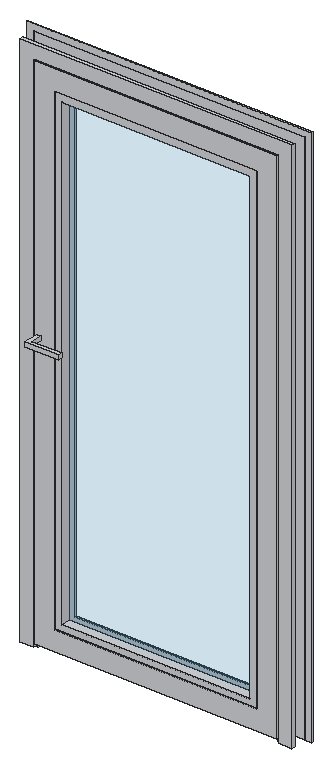
Revit family "a_reynaers_cs-77-functional_door_inside-opening-brush_singlerfa", category Windows, host Wall, Revit 2017
Family settings
  Host = Wall
  OmniClass Number = 23.30.20.00
  OmniClass Title = Windows
  Always vertical = Yes
  Cut with Voids When Loaded = No
  Shared = No
  Room Calculation Point = No
Parameters (values of type "Frame 77mm")
  Youtube clip = ""
  Width INT [instance] = 1050 mm
  Width EXT [instance] = 1100 mm
  Weight Net (Kg) = 0
  Wall Exterior Width = 90 mm
  Uniclass 2.0 Description = "Windows"
  Uniclass 2.0 Code = "PR-59-97"
  Uniclass 1.4 Description = "Windows"
  Uniclass 1.4 Code = "JL10"
  URL = "http://www.reynaers.com/architects/products/cs-77"
  UNSPSC Code = "301716"
  Technical description = ""
  Region South America = "None"
  Region Oceania = "None"
  Region North America = "None"
  Region Middle East = "None"
  Region Europe = "AD, AL, AT, AX, BA, BE, BG, BY, CH, CS, CY, CZ, DE, DK, EE, ES, FI, FO, FR, GB, GG, GI, GR, HR, HU, IE, IM, IS, IT, JE, LI, LT, LU, LV, MC, MD, ME, MK, MT, NL, NO, PL, PT, RO, RS, RU, SE, SI, SJ, SK, SM, UA, VA, XK"
  Region Asia = "None"
  Region Antarctica = "None"
  Region Africa = "None"
  REY Website = "www.reynaers.com"
  REY Vent Width = 76 mm
  REY Sill Height = 0 mm  # constant formula
  REY Sill H = 0 mm  # constant formula
  REY Shutter Roll Material = none
  REY Shutter Roll Height = 200 mm
  REY Shutter Position = if(BE, 0 mm, REY Butt Strip Width)  # 25 mm
  REY Shutter Height = if(REY Shutter, REY Shutter Roll Height, 0 mm)  # 0 mm
  REY Shutter Depth = if(REY Shutter, 59 mm, 0 mm)  # 0 mm
  REY Shutter = no
  REY Rebate TOP B = if(BE, REY Rebate, 0 mm)  # 0 mm
  REY Rebate TOP A = if(NL, REY Rebate, 0 mm)  # 30 mm
  REY Rebate B = if(BE, REY Rebate, 0 mm)  # 0 mm
  REY Rebate A = if(NL, REY Rebate, 0 mm)  # 30 mm
  REY Rebate = 30 mm
  REY Profile Rebate = 25 mm
  REY Profile Color OUT [instance] = none
  REY Profile Color IN [instance] = none
  REY Panel Tickness [instance] = 24 mm
  REY Panel Material [instance] = Glass
  REY Panel Height [instance] = 1834 mm
  REY Panel Coverage = 19 mm
  REY Panel 1 Width [instance] = 760 mm
  REY Panel 1 Opening Direction Turn DIN R [instance] = yes
  REY Panel 1 Opening Direction Turn DIN L [instance] = no
  REY Offset Wall Ext Int B = if(BE, REY Offset Wall Ext Int, 0 mm)  # 0 mm
  REY Offset Wall Ext Int A = if(NL, REY Offset Wall Ext Int, 0 mm)  # 25 mm
  REY Offset Wall Ext Int = 25 mm
  REY Joint Width B = if(BE, REY Joint Width, 0 mm)  # 0 mm
  REY Joint Width A = if(NL, REY Joint Width, 0 mm)  # 8 mm
  REY Joint Width = 8 mm
  REY Joint Bottom = 0 mm
  REY Gap Width = 6 mm
  REY Gap Floor = 13 mm
  REY Frame Width = 77 mm
  REY Fixation Bottom = 33 mm
  REY Element Width [instance] = 1090 mm
  REY Element Height [instance] = 2220 mm
  REY Design = 0 mm  # constant formula
  REY Butt Strip Width = 25 mm
  REY Built-In Depth = 68 mm
  REY Brush Profile Height = 26 mm
  REY Block Frame = no
  QR code = "http://file-system.ru/catalog/zdaniya_i_sooruzheniya/eksterer/dveri/cs_77_dveri/"
  Product group = "Windows Aluminium"
  Product family = "Windows & Doors"
  Product data url = "http://file-system.ru/catalog/zdaniya_i_sooruzheniya/eksterer/dveri/cs_77_dveri/"
  Product certification = ""
  Product SKU = "Reynaers_window_Concept_system_77"
  Product Guid = "9fe012cc-205e-434f-a607-7c1aed2f5c3e"
  OmniClass Description = ""
  OmniClass Code = ""
  Nominal width = 0
  Nominal height = 0
  NL = yes
  NBS Reference Description = "Windows"
  NBS Reference Code = "59-97"
  Material secondary = "Aluminium"
  Material main = "Aluminium"
  Manufacturer name = "Reynaers"
  Manufacturer country = "Belgium"
  Manufacturer = "Reynaers"
  Installation instructions = ""
  IFC Classification = "Window"
  Height INT [instance] = 2108 mm
  Height EXT [instance] = 2100 mm
  Height [instance] = Height EXT  # 2100 mm
  Edition number = 1
  EAN code = ""
  Design country = "Belgium"
  Default Sill Height = 0 mm
  Wall Closure = By host
  Width [instance] = Width EXT  # 1100 mm
  Date of publishing = "2015-09-17"
  COBIe Type Category = ""
  BE = no
  Analytic Construction = "<None>"
Types (2, lengths in mm): name | REY Panel Height | REY Panel 1 Width | REY Frame Width | QR code | Product data url
  Frame 68mm | 1843 | 778 | 68 | "http://bimobject.com/reynaers/product/Reynaers_window_Concept_system_77" | "http://bimobject.com/reynaers/product/Reynaers_window_Concept_system_77"
  Frame 77mm | 1834 | 760 | 77 | "http://file-system.ru/catalog/zdaniya_i_sooruzheniya/eksterer/dveri/cs_77_dveri/" | "http://file-system.ru/catalog/zdaniya_i_sooruzheniya/eksterer/dveri/cs_77_dveri/"
Reference planes
  plane 1 "Center (Front/Back)": y = 0
  plane 2 "Center (Left/Right)": x = 0
  plane 3 "REY L EXT": x = -550
  plane 4 "REY R EXT": x = 550
  plane 5 "Sill": z = 0
  plane 6 "REY Top EXT": z = 2100
  plane 7 "Exterior": y = 150
  plane 8 "Interior": y = -150
  plane 9 "REY Profile L": x = -520
  plane 10 "REY Profile Temp": x = -550
  plane 11 "REY L INT Temp": x = -550
  plane 12 "Wall Exterior Width": y = 60
  plane 13 "REY L INT": x = -525
  plane 14 "REY R INT Temp": x = 550
  plane 15 "REY R INT": x = 525
  plane 16 "REY Top INT": z = 2075
  plane 17 "REY Top INT Temp": z = 2100
  plane 18 "REY Sill Bottom": z = 0
  plane 19 "REY Bottom INT": z = -33
  plane 20 "REY Shutter TOP": z = 2075
  plane 21 "REY Profile TOP": z = 2070
  plane 22 "REY Profile TOP Temp": z = 2100
  plane 23 "REY Profile Joint Temp": y = 60
  plane 24 "REY Profile Joint": y = 68
  plane 25 "REY Built-In-Depth": y = 0
  plane 26 "REY Frame L": x = -443
  plane 27 "REY Gap L": x = -437
  plane 28 "REY Vent L": x = -361
  plane 29 "REY Panel L": x = -380
  plane 30 "REY Profile A Rebate": x = -545
  plane 31 "REY Shutter": y = 68
  plane 32 "REY Profile Design": y = 68
  plane 33 "REY Panel OUT": y = 60
  plane 34 "REY Panel IN": y = 36
  plane 35 "REY Profile R": x = 520
  plane 36 "Mid Window": z = 990
  plane 37 "REY Panel TOP": z = 1930
  plane 38 "REY Gap TOP": z = 1987
  plane 39 "REY Frame TOP": z = 1993
  plane 40 "REY Vent TOP": z = 1911
  plane 41 "REY Shutter Position L": x = -545
  plane 42 "REY Shutter Position R": x = 545
  plane 43 "REY A Butt-Strip": x = -545
  plane 44 "REY Shutter Position TOP": z = 2095
  plane 45 "REY Frame R": x = 443
  plane 46 "REY GAP R": x = 437
  plane 47 "REY Vent R": x = 361
  plane 48 "REY Panel R": x = 380
  plane 49 "REY Door Profile Bottom": z = 13
  plane 50 "REY Door Gap Bottom": z = 39
  plane 51 "REY Panel Bottom": z = 96
  plane 52 "REY Vent Bottom": z = 115
Forms (mm)
  Extrusion 1, void
    sketch origin (0, 0, 0) x (0, -1, 0) y (1, 0, 0)
      loop
        line (-150, -550) -> (-60, -550) -> (-60, 550) -> (-150, 550) -> (-150, -550)
    from 0 to 2100
  Extrusion 2, void
    sketch origin (0, 0, 0) x (0, -1, 0) y (1, 0, 0)
      loop
        line (-60, -525) -> (150, -525) -> (150, 525) -> (-60, 525) -> (-60, -525)
    from -33 to 2075
  Sweep 3, solid, material <- "REY Profile Color OUT"
    path origin (0, 68, 0) x (-1, 0, 0) y (0, 0, 1)
      loop
        line (-437, 39) -> (437, 39) -> (437, 1987) -> (-437, 1987) -> (-437, 39)
    profile origin (-437, 68, 1013) x (0, 1, 0) y (-1, 0, 0)
      loop
        line (0, 0) -> (-4.459, 0) -> (-4.459, 6) -> (-6.259, 6) -> (-6.259, -0.952) -> (-3.8, -0.952) -> (-3.8, -76) -> (0, -76) -> (0, 0)
  Sweep 4, solid, material <- "REY Profile Color IN"
    path origin (0, 0, 0) x (-1, 0, 0) y (0, 0, 1)
      loop
        line (437, 39) -> (437, 1987) -> (-437, 1987) -> (-437, 39) -> (437, 39)
    profile origin (-437, 0, 1013) x (1, 0, 0) y (0, 1, 0)
      loop
        line (-26, 4) -> (-26, 0) -> (51, 0) -> (51, 4) -> (-26, 4)
      loop
        line (52, 36) -> (52, 0) -> (76, 0) -> (76, 36) -> (52, 36)
  Extrusion 5, solid, material "Glass" <- "REY Panel Material"
    sketch origin (0, 0, 52) x (0, 1, 0) y (-1, 0, 0)
      loop
        line (36, 380) -> (36, -380) -> (60, -380) -> (60, 380) -> (36, 380)
    from 44 to 1878
  Extrusion 6, solid, material <- "REY Profile Color OUT", visible <- "REY Shutter"
    sketch origin (0, 0, 0) x (0, -1, 0) y (1, 0, 0)
      loop
        line (-68, 545) -> (-127, 545) -> (-127, 516.665) -> (-122.8, 516.665) -> (-122.8, 543.165) -> (-104.8, 543.165) -> (-104.8, 516.665) -> (-68, 516.665) -> (-68, 545)
    from 0 to 2070
  Sweep 7, solid, material <- "REY Profile Color OUT", visible <- "NL"
    path origin (0, 68, 0) x (-1, 0, 0) y (0, 0, 1)
      loop
        line (520, 0) -> (520, 2070) -> (-520, 2070) -> (-520, 0)
    profile origin (-520, 68, 1035) x (1, 0, 0) y (0, 1, 0)
      loop
        line (0, 0) -> (-25, 0) -> (-25, -3.8) -> (0, -3.8) -> (0, 0)
  Extrusion 8, solid, material <- "REY Profile Color OUT", visible <- "REY Shutter"
    sketch origin (520, 0, 0) x (0, 1, 0) y (0, 0, -1)
      loop
        line (68, -2078.8) -> (68, -2080.4) -> (89.9, -2080.4)
        arc (89.9, -2080.4) -> (92.728, -2081.572) -> (93.9, -2084.4) r 4
        line (93.9, -2084.4) -> (93.9, -2111.4)
        arc (93.9, -2111.4) -> (90.707, -2119.107) -> (83, -2122.3) r 10.9
        line (83, -2122.3) -> (83, -2123.9)
        arc (83, -2123.9) -> (91.839, -2120.239) -> (95.5, -2111.4) r 12.5
        line (95.5, -2111.4) -> (95.5, -2084.4)
        arc (95.5, -2084.4) -> (93.86, -2080.44) -> (89.9, -2078.8) r 5.6
        line (89.9, -2078.8) -> (68, -2078.8)
    from 0 to 1040
  Extrusion 9, solid, material <- "REY Shutter Roll Material", visible <- "REY Shutter"
    sketch origin (520, 0, 0) x (0, 1, 0) y (0, 0, -1)
      loop
        line (60, -2075) -> (-150, -2075) -> (-150, -2085) -> (60, -2085) -> (60, -2075)
    from -5 to 1045
  Extrusion 10, solid, material <- "REY Profile Color OUT", visible <- "REY Shutter"
    sketch origin (0, 0, 0) x (0, -1, 0) y (1, 0, 0)
      loop
        line (-68, -545) -> (-68, -516.665) -> (-104.8, -516.665) -> (-104.8, -543.165) -> (-122.8, -543.165) -> (-122.8, -516.665) -> (-127, -516.665) -> (-127, -545) -> (-68, -545)
    from 0 to 2095
  Sweep 11, solid, material <- "REY Profile Color IN"
    path origin (0, 0, 0) x (-1, 0, 0) y (0, 0, 1)
      loop
        line (520, 0) -> (520, 2070) -> (-520, 2070) -> (-520, 0)
    profile origin (-520, 0, 1035) x (1, 0, 0) y (0, 1, 0)
      loop
        line (51, 9) -> (62, 9) -> (62, 13) -> (0, 13) -> (0, 0) -> (51, 0) -> (51, 9)
  Sweep 12, solid, material <- "REY Profile Color OUT"
    path origin (0, 68, 0) x (-1, 0, 0) y (0, 0, 1)
      loop
        line (520, 0) -> (520, 2070) -> (-520, 2070) -> (-520, 0)
    profile origin (-520, 68, 1035) x (1, 0, 0) y (0, 1, 0)
      loop
        line (0, 0) -> (0, -3.8) -> (77, -3.8) -> (77, 0) -> (0, 0)
  Extrusion 13, solid, material <- "REY Profile Color OUT"
    sketch origin (0, 0, 0) x (0, -1, 0) y (1, 0, 0)
      loop
        line (-68, -443) -> (-64.2, -443) -> (-64.2, 443) -> (-68, 443) -> (-68, -443)
    from 13 to 39
Lines and regions (mm)
  symbolic lines, style "Windows"
    curve 1: line (-443, 68, 0) -> (-520, 68, 0)
    curve 2: line (-443, 61.741, 0) -> (-443, 68, 0)
    curve 3: line (-468, 61.741, 0) -> (-468, 9, 0)
    curve 4: line (-443, 61.741, 0) -> (-468, 61.741, 0)
    curve 5: line (-361, 0, 0) -> (-463, 0, 0)
    curve 6: line (-463, 0, 0) -> (-463, 4, 0)
    curve 7: line (-437, 68, 0) -> (-437, 60, 0)
    curve 8: line (-361, 68, 0) -> (-437, 68, 0)
    curve 9: line (-463, 4, 0) -> (-463, 60, 0)
    curve 10: line (-463, 60, 0) -> (-437, 60, 0)
    curve 11: line (520, 60, 0) -> (520, 64, 0)
    curve 12: line (520, 64, 0) -> (468, 64, 0)
    curve 13: line (468, 64, 0) -> (468, 61.741, 0)
    curve 14: line (520, 60, 0) -> (443, 60, 0)
    curve 15: line (437, 60, 0) -> (437, 59.741, 0)
    curve 16: line (463, 0, 0) -> (361, 0, 0)
    curve 17: line (463, 4, 0) -> (463, 0, 0)
    curve 18: line (463, 59.741, 0) -> (463, 4, 0)
    curve 19: line (437, 60, 0) -> (361, 60, 0)
    curve 20: line (-361, 68, 0) -> (-361, 0, 0)
    curve 21: line (361, 0, 0) -> (361, 60, 0)
    curve 22: line (361, 36, 0) -> (-361, 36, 0)
    curve 23: line (520, 60, 2070) -> (520, 9, 2070)
    curve 24: line (520, 9, 2008) -> (520, 9, 2070)
    curve 25: line (520, 61.741, 2008) -> (520, 9, 2008)
    curve 26: line (520, 61.741, 1993) -> (520, 61.741, 2008)
    curve 27: line (520, 61.741, 1993) -> (520, 60, 1993)
    curve 28: line (520, 60, 1993) -> (520, 60, 2070)
    curve 30: line (520, 61.741, 1930) -> (520, 0, 1930)
    curve 31: line (520, 61.741, 1911) -> (520, 61.741, 1930)
    curve 32: line (520, 68, 1911) -> (520, 61.741, 1911)
    curve 33: line (520, 68, 1911) -> (520, 68, 1987)
    curve 34: line (520, 57.21, 1987) -> (520, 68, 1987)
    curve 35: line (520, 57.21, 1987) -> (520, 57.21, 2100)
    curve 36: line (520, 57.21, 2100) -> (520, 4, 2100)
    curve 37: line (520, 0, 2013) -> (520, 4, 2013)
    curve 38: line (520, 0, 1911) -> (520, 0, 2013)
    curve 39: line (520, 36, 1911) -> (520, 0, 1911)
    curve 40: line (520, 0, 1911) -> (520, 0, 1930)
    curve 41: line (520, 36, 1930) -> (520, 0, 1930)
    curve 42: line (520, 36, 1930) -> (520, 36, 1911)
    curve 63: line (-520, 0, 0) -> (-520, 68, 0)
    curve 64: line (-361, 60, 0) -> (361, 60, 0)
    curve 65: line (443, 61.741, 0) -> (443, 60, 0)
    curve 66: line (443, 61.741, 0) -> (468, 61.741, 0)
    curve 67: line (437, 59.741, 0) -> (463, 59.741, 0)
    curve 81: line (-469, 9, 0) -> (-469, 0, 0)
    curve 82: line (-469, 0, 0) -> (-520, 0, 0)
  symbolic lines, style "Windows", not visible
    curve 29: line (520, 0, 1930) -> (520, 0, 2013)
  symbolic lines, style "Windows", visible <- "REY Block Frame"
    curve 43: line (520, 110, 0) -> (520, 60, 0)
  symbolic lines, style "Windows", visible <- "NL"
    curve 44: line (520, 2.2, 0) -> (520, 60, 0)
  symbolic lines, style "REY Draaisymbool Aanzicht Binnen", visible <- "REY Panel 1 Opening Direction Turn DIN R", detail levels medium+fine
    curve 45: line (366, 0, 1911) -> (-361, 0, 990)
    curve 46: line (-361, 0, 990) -> (366, 0, 58)
  symbolic lines
    curve 47: line (-550, 150, 0) -> (550, 150, 0)
    curve 48: line (550, -150, 0) -> (-550, -150, 0)
  symbolic lines, style "Windows", visible <- "REY Shutter"
    curve 49: line (-545, 127, 0) -> (-516.665, 127, 0)
    curve 50: line (-516.665, 127, 0) -> (-516.665, 122.8, 0)
    curve 51: line (-516.665, 122.8, 0) -> (-543.165, 122.8, 0)
    curve 52: line (-543.165, 122.8, 0) -> (-543.165, 104.8, 0)
    curve 53: line (-543.165, 104.8, 0) -> (-516.665, 104.8, 0)
    curve 54: line (-516.665, 104.8, 0) -> (-516.665, 68, 0)
    curve 55: line (-545, 64, 0) -> (-545, 127, 0)
    curve 56: line (516.665, 127, 0) -> (520, 127, 0)
    curve 57: line (516.665, 122.8, 0) -> (516.665, 127, 0)
    curve 58: line (543.165, 122.8, 0) -> (516.665, 122.8, 0)
    curve 59: line (543.165, 104.8, 0) -> (543.165, 122.8, 0)
    curve 60: line (516.665, 104.8, 0) -> (543.165, 104.8, 0)
    curve 61: line (516.665, 60, 0) -> (516.665, 104.8, 0)
    curve 62: line (520, 60, 0) -> (516.665, 60, 0)
  symbolic lines, style "Windows", visible <- "REY Panel 1 Opening Direction Turn DIN R"
    curve 68: line (-440.5, 0, 0) -> (-455.5, 0, 0)
    curve 74: line (-455.5, -57.5, 0) -> (-455.5, 0, 0)
    curve 75: line (-328, -57.5, 0) -> (-455.5, -57.5, 0)
    curve 76: line (-328, -42.5, 0) -> (-328, -57.5, 0)
    curve 77: line (-440.5, -42.5, 0) -> (-328, -42.5, 0)
    curve 78: line (-440.5, 0, 0) -> (-440.5, -42.5, 0)
  symbolic lines, style "REY Draaisymbool Aanzicht Binnen", visible <- "REY Panel 1 Opening Direction Turn DIN L"
    curve 69: line (-361, 0, 1911) -> (361, 0, 990)
    curve 70: line (361, 0, 990) -> (-359.342, 0, 61.143)
  symbolic lines, style "Windows", visible <- "REY Panel 1 Opening Direction Turn DIN L"
    curve 71: line (465.5, -57.5, 0) -> (465.5, 0, 0)
    curve 72: line (450.5, 0, 0) -> (450.5, -42.5, 0)
    curve 73: line (328, -57.5, 0) -> (465.5, -57.5, 0)
    curve 79: line (328, -42.5, 0) -> (328, -57.5, 0)
    curve 80: line (450.5, -42.5, 0) -> (328, -42.5, 0)
  symbolic lines, style "REY Draaisymbool Plan", visible <- "REY Panel 1 Opening Direction Turn DIN L"
    curve 83: line (-443, 68, 0) -> (-443, -818, 0)
    curve 84: arc (443, 68, 0) -> (183.497, -558.497, 0) -> (-443, -818, 0) r 886
  symbolic lines, style "REY Draaisymbool Plan", visible <- "REY Panel 1 Opening Direction Turn DIN R"
    curve 85: line (443, 68, 0) -> (443, -818, 0)
    curve 86: arc (-443, 68, 0) -> (-183.497, -558.497, 0) -> (443, -818, 0) r 886
Text (mm)
  text "EXTERIOR" at (-1963.203, 1332.353, 0), in view "Ref. Level"
  text "INTERIOR" at (-1981.466, -818.386, 0), in view "Ref. Level"
  text "Exterior" at (0, 923.751, 2943.296), in view "Right"
  text "Exterior" at (0, 1040.484, 2685.409), in view "Left"
  text "EXT" at (0, 709.313, 2863.072), in view "Section 1"
Dimensions and locks
  equal spacing: plane 3 "REY L EXT", plane 2 "Center (Left/Right)", plane 4 "REY R EXT"
  "Width": plane 3 "REY L EXT" to plane 4 "REY R EXT"
  "Height": plane 5 "Sill" to plane 6 "REY Top EXT"
  "Default Sill Height": plane 5 "Sill" to level
  locked: plane 7 "Exterior" to host wall at 0
  locked: plane 8 "Interior" to host wall
  "Wall Exterior Width": plane 7 "Exterior" to plane 12 "Wall Exterior Width"
  "REY Rebate B": plane 10 "REY Profile Temp" to plane 3 "REY L EXT"
  "REY Rebate A": plane 10 "REY Profile Temp" to plane 9 "REY Profile L"
  "REY Offset Wall Ext Int B": plane 4 "REY R EXT" to plane 14 "REY R INT Temp"
  "REY Offset Wall Ext Int B": plane 11 "REY L INT Temp" to plane 3 "REY L EXT"
  "REY Offset Wall Ext Int A": plane 11 "REY L INT Temp" to plane 13 "REY L INT"
  "REY Offset Wall Ext Int A": plane 15 "REY R INT" to plane 14 "REY R INT Temp"
  "REY Offset Wall Ext Int A": plane 16 "REY Top INT" to plane 17 "REY Top INT Temp"
  "REY Offset Wall Ext Int B": plane 6 "REY Top EXT" to plane 17 "REY Top INT Temp"
  "Width INT": plane 13 "REY L INT" to plane 15 "REY R INT"
  "REY Joint Bottom": plane 5 "Sill" to plane 18 "REY Sill Bottom"
  "REY Fixation Bottom": plane 18 "REY Sill Bottom" to plane 19 "REY Bottom INT"
  "REY Shutter Height": plane 20 "REY Shutter TOP" to plane 16 "REY Top INT"
  "REY Rebate TOP B": plane 22 "REY Profile TOP Temp" to plane 6 "REY Top EXT"
  "REY Rebate TOP A": plane 22 "REY Profile TOP Temp" to plane 21 "REY Profile TOP"
  "REY Joint Width A": plane 24 "REY Profile Joint" to plane 23 "REY Profile Joint Temp"
  "REY Joint Width B": plane 12 "Wall Exterior Width" to plane 23 "REY Profile Joint Temp"
  "REY Built-In Depth": plane 32 "REY Profile Design" to plane 25 "REY Built-In-Depth"
  "REY Frame Width": plane 9 "REY Profile L" to plane 26 "REY Frame L"
  "REY Gap Width": plane 26 "REY Frame L" to plane 27 "REY Gap L"
  "REY Vent Width": plane 27 "REY Gap L" to plane 28 "REY Vent L"
  "REY Profile Rebate": plane 30 "REY Profile A Rebate" to plane 9 "REY Profile L"
  "REY Panel Coverage": plane 29 "REY Panel L" to plane 28 "REY Vent L"
  "REY Design": plane 31 "REY Shutter" to plane 32 "REY Profile Design"
  "REY Shutter Depth": plane 24 "REY Profile Joint" to plane 31 "REY Shutter"
  locked: plane 32 "REY Profile Design" to plane 33 "REY Panel OUT" at 8
  "REY Panel Tickness": plane 33 "REY Panel OUT" to plane 34 "REY Panel IN"
  equal spacing: plane 9 "REY Profile L", plane 2 "Center (Left/Right)", plane 35 "REY Profile R"
  Sweep 4 sketch curve to Sweep 4 sketch curve = 24 mm
  Sweep 4 sketch curve to Sweep 4 sketch curve = 1 mm
  Sweep 4 to Sweep 4 = 24 mm
  Sweep 4 to Sweep 4 = 1 mm
  "REY Vent Width": plane 40 "REY Vent TOP" to plane 38 "REY Gap TOP"
  "REY Gap Width": plane 38 "REY Gap TOP" to plane 39 "REY Frame TOP"
  "REY Panel Coverage": plane 40 "REY Vent TOP" to plane 37 "REY Panel TOP"
  "REY Shutter Position": plane 41 "REY Shutter Position L" to plane 9 "REY Profile L"
  "REY Shutter Position": plane 35 "REY Profile R" to plane 42 "REY Shutter Position R"
  Extrusion 6 sketch curve to Extrusion 6 sketch curve to Extrusion 6 sketch curve = 18 mm locked, 4.2 mm locked
  locked: Extrusion 6 sketch curve to Extrusion 6 sketch curve at 1.835
  locked: Extrusion 6 sketch curve to Extrusion 6 sketch curve at 28.335
  locked: Extrusion 6 sketch curve to Extrusion 6 sketch curve at 36.8
  plane 22 "REY Profile TOP Temp" to plane 36 "Mid Window" = 1110 mm
  "REY Butt Strip Width": plane 43 "REY A Butt-Strip" to plane 9 "REY Profile L"
  "REY Shutter Position": plane 44 "REY Shutter Position TOP" to plane 21 "REY Profile TOP"
  "REY Frame Width": plane 39 "REY Frame TOP" to plane 21 "REY Profile TOP"
  locked: Extrusion 8 sketch curve to plane 44 "REY Shutter Position TOP" at 14.6
  locked: Extrusion 8 sketch curve to plane 31 "REY Shutter" at 25.9
  Extrusion 9 to plane 6 "REY Top EXT" = 15 mm
  Extrusion 10 sketch curve to Extrusion 10 sketch curve to Extrusion 10 sketch curve = 18 mm locked, 4.2 mm locked
  locked: Extrusion 10 sketch curve to Extrusion 10 sketch curve at 1.835
  locked: Extrusion 10 sketch curve to Extrusion 10 sketch curve at 28.335
  locked: Extrusion 10 sketch curve to Extrusion 10 sketch curve at 36.8
  locked: Sweep 3 sketch curve to Sweep 3 sketch curve at 0.952
  locked: curve 3 to curve 9 at 5
  "REY Vent Width": plane 47 "REY Vent R" to plane 46 "REY GAP R"
  "REY Gap Width": plane 46 "REY GAP R" to plane 45 "REY Frame R"
  "REY Frame Width": plane 45 "REY Frame R" to plane 35 "REY Profile R"
  locked: curve 18 to curve 13 at 5
  "Height INT": plane 20 "REY Shutter TOP" to plane 19 "REY Bottom INT"
  "REY Element Width": plane 41 "REY Shutter Position L" to plane 42 "REY Shutter Position R"
  locked: Sweep 4 to nested 1 at 15
  locked: nested 2 to Sweep 4 at 15
  "REY Panel Coverage": plane 47 "REY Vent R" to plane 48 "REY Panel R"
  "REY Panel 1 Width": plane 29 "REY Panel L" to plane 48 "REY Panel R"
  locked: Sweep 4 to Sweep 11 sketch curve at 5
  locked: Sweep 4 sketch curve to plane 26 "REY Frame L" at 20
  "REY Gap Floor": plane 49 "REY Door Profile Bottom" to plane 18 "REY Sill Bottom"
  "REY Brush Profile Height": plane 50 "REY Door Gap Bottom" to plane 49 "REY Door Profile Bottom"
  "REY Vent Width": plane 52 "REY Vent Bottom" to plane 50 "REY Door Gap Bottom"
  "REY Panel Coverage": plane 52 "REY Vent Bottom" to plane 51 "REY Panel Bottom"
  locked: Extrusion 9 to plane 20 "REY Shutter TOP" at 10
  "REY Panel Height": plane 37 "REY Panel TOP" to plane 51 "REY Panel Bottom"
  plane 52 "REY Vent Bottom" to plane 49 "REY Door Profile Bottom" = 102 mm
  Sweep 11 sketch curve to Sweep 4 = 6 mm
  plane 41 "REY Shutter Position L" to Sweep 11 = 76 mm
  Sweep 11 to Sweep 4 = 6 mm
  Sweep 4 to Sweep 4 to Sweep 4 = 77 mm, 25 mm
  radius of Extrusion 8 sketch curve = 4 mm
  radius of Extrusion 8 sketch curve = 10.9 mm
  aligned and locked: Extrusion 1 sketch curve to plane 3 "REY L EXT"
  aligned and locked: plane 4 "REY R EXT" to Extrusion 1 sketch curve
  aligned and locked: plane 12 "Wall Exterior Width" to Extrusion 1 sketch curve
  aligned and locked: plane 7 "Exterior" to Extrusion 1 sketch curve
  aligned and locked: Extrusion 1 to plane 6 "REY Top EXT"
  aligned and locked: Extrusion 2 sketch curve to plane 12 "Wall Exterior Width"
  aligned and locked: Extrusion 2 sketch curve to plane 8 "Interior"
  aligned and locked: plane 13 "REY L INT" to Extrusion 2 sketch curve
  aligned and locked: plane 15 "REY R INT" to Extrusion 2 sketch curve
  aligned and locked: Extrusion 2 to plane 19 "REY Bottom INT"
  aligned and locked: plane 20 "REY Shutter TOP" to Extrusion 2
  aligned and locked: Sweep 3 sketch curve to plane 28 "REY Vent L"
  aligned and locked: Sweep 4 sketch curve to plane 28 "REY Vent L"
  aligned and locked: plane 34 "REY Panel IN" to Sweep 4 sketch curve
  aligned and locked: plane 34 "REY Panel IN" to Extrusion 5 sketch curve
  aligned and locked: Extrusion 5 sketch curve to plane 33 "REY Panel OUT"
  aligned and locked: Extrusion 5 sketch curve to plane 29 "REY Panel L"
  aligned and locked: Extrusion 5 to plane 37 "REY Panel TOP"
  aligned and locked: Extrusion 6 sketch curve to Extrusion 6 sketch curve
  aligned and locked: plane 31 "REY Shutter" to Extrusion 6 sketch curve
  aligned and locked: plane 42 "REY Shutter Position R" to Extrusion 6 sketch curve
  aligned and locked: plane 9 "REY Profile L" to Sweep 7 sketch curve  (x2)
  aligned and locked: plane 35 "REY Profile R" to Sweep 7 sketch curve
  aligned and locked: Sweep 7 sketch curve to plane 43 "REY A Butt-Strip"
  aligned and locked: plane 21 "REY Profile TOP" to Extrusion 6
  aligned and locked: plane 31 "REY Shutter" to Extrusion 8 sketch curve
  aligned and locked: Sweep 7 sketch curve to plane 21 "REY Profile TOP"
  aligned and locked: Extrusion 8 to plane 9 "REY Profile L"
  aligned and locked: Extrusion 9 sketch curve to plane 16 "REY Top INT"
  aligned and locked: plane 12 "Wall Exterior Width" to Extrusion 9 sketch curve
  aligned and locked: Sweep 4 to curve 6
  aligned and locked: curve 17 to Sweep 4
  aligned and locked: curve 20 to Sweep 4
  aligned and locked: Sweep 4 to curve 21
  aligned and locked: curve 23 to plane 21 "REY Profile TOP"
  aligned and locked: Sweep 3 to curve 26
  aligned and locked: curve 27 to Sweep 3
  aligned and locked: Sweep 4 to curve 29
  aligned and locked: plane 37 "REY Panel TOP" to curve 30
  aligned and locked: Sweep 3 to curve 31
  aligned and locked: curve 32 to Sweep 3
  aligned and locked: curve 34 to Sweep 3
  aligned and locked: curve 37 to Sweep 4
  aligned and locked: curve 39 to Sweep 4
  aligned and locked: Sweep 4 to curve 40
  aligned and locked: plane 37 "REY Panel TOP" to curve 41
  aligned and locked: Sweep 4 to curve 42
  aligned and locked: Extrusion 10 sketch curve to plane 31 "REY Shutter"
  aligned and locked: Extrusion 10 sketch curve to plane 41 "REY Shutter Position L"
  aligned and locked: plane 44 "REY Shutter Position TOP" to Extrusion 10
  aligned and locked: curve 49 to Extrusion 10
  aligned and locked: Extrusion 10 to curve 51
  aligned and locked: curve 52 to Extrusion 10
  aligned and locked: curve 53 to Extrusion 10
  aligned and locked: curve 54 to Extrusion 10
  aligned and locked: curve 55 to Extrusion 10
  aligned and locked: curve 56 to Extrusion 6
  aligned and locked: curve 57 to Extrusion 6
  aligned and locked: curve 58 to Extrusion 6
  aligned and locked: curve 59 to Extrusion 6
  aligned and locked: curve 60 to Extrusion 6
  aligned and locked: curve 61 to Extrusion 6
  aligned and locked: plane 32 "REY Profile Design" to curve 1
  aligned and locked: plane 32 "REY Profile Design" to curve 8
  aligned and locked: plane 27 "REY Gap L" to Sweep 3 sketch curve
  aligned and locked: plane 26 "REY Frame L" to Sweep 3 sketch curve
  aligned and locked: curve 7 to plane 27 "REY Gap L"
  aligned and locked: Extrusion 10 sketch curve to Extrusion 10 sketch curve
  aligned and locked: curve 50 to Extrusion 10
  aligned and locked: curve 22 to plane 34 "REY Panel IN"
  aligned and locked: curve 5 to plane 25 "REY Built-In-Depth"
  aligned and locked: curve 16 to Sweep 4
  aligned and locked: plane 46 "REY GAP R" to curve 15
  aligned and locked: curve 65 to plane 45 "REY Frame R"
  aligned and locked: plane 25 "REY Built-In-Depth" to nested 1
  aligned and locked: nested 2 to curve 73
  aligned and locked: nested 2 to plane 25 "REY Built-In-Depth"
  aligned and locked: curve 68 to nested 1
  aligned and locked: plane 31 "REY Shutter" to Sweep 7 sketch curve
  aligned and locked: plane 48 "REY Panel R" to Extrusion 5 sketch curve
  aligned and locked: Sweep 12 sketch curve to plane 26 "REY Frame L"
  aligned and locked: plane 27 "REY Gap L" to Sweep 4 sketch curve
  aligned and locked: plane 38 "REY Gap TOP" to Sweep 4 sketch curve
  aligned and locked: plane 46 "REY GAP R" to Sweep 4 sketch curve
  aligned and locked: Sweep 3 sketch curve to plane 27 "REY Gap L"
  aligned and locked: Sweep 3 sketch curve to plane 38 "REY Gap TOP"
  aligned and locked: Sweep 3 sketch curve to plane 46 "REY GAP R"
  aligned and locked: plane 32 "REY Profile Design" to Extrusion 13 sketch curve
  aligned and locked: plane 45 "REY Frame R" to Extrusion 13 sketch curve
  aligned and locked: plane 26 "REY Frame L" to Extrusion 13 sketch curve
  aligned and locked: Extrusion 13 to Sweep 3
  aligned and locked: curve 74 to nested 1
  aligned and locked: curve 75 to nested 1
  aligned and locked: curve 76 to nested 1
  aligned and locked: curve 77 to nested 1
  aligned and locked: curve 78 to nested 1
  aligned and locked: curve 79 to nested 2
  aligned and locked: plane 50 "REY Door Gap Bottom" to Sweep 3 sketch curve
  aligned and locked: plane 50 "REY Door Gap Bottom" to Sweep 4 sketch curve
  aligned and locked: Extrusion 13 to plane 49 "REY Door Profile Bottom"
  aligned and locked: Extrusion 9 to plane 13 "REY L INT"
  aligned and locked: Extrusion 9 to plane 15 "REY R INT"
  aligned and locked: Extrusion 5 to plane 51 "REY Panel Bottom"
  aligned and locked: plane 25 "REY Built-In-Depth" to Sweep 11 sketch curve
  aligned and locked: curve 81 to Sweep 11
  aligned and locked: curve 9 to Sweep 4
Automatic sketch dimensions
  Extrusion 8 sketch curve to Extrusion 8 sketch curve = 0 mm  (x3)
  Extrusion 8 sketch curve to Extrusion 8 sketch curve = 1.6 mm
  Extrusion 8 sketch curve to Extrusion 8 sketch curve = 27 mm
  Sweep 3 sketch curve to plane 32 "REY Profile Design" = 0 mm
  Sweep 3 sketch curve to plane 32 "REY Profile Design" = 3.8 mm
  Sweep 3 sketch curve to Sweep 3 sketch curve = 1.8 mm
  Sweep 4 sketch curve to plane 25 "REY Built-In-Depth" = 0 mm  (x2)
  plane 25 "REY Built-In-Depth" to Sweep 4 sketch curve = 4 mm
  Extrusion 9 sketch curve to host wall = 0 mm
  Extrusion 9 sketch curve to plane 16 "REY Top INT" = 10 mm
  plane 6 "REY Top EXT" to curve 36 = 0 mm
  curve 28 to plane 23 "REY Profile Joint Temp" = 0 mm
  host wall to curve 23 = 9 mm
  plane 33 "REY Panel OUT" to curve 36 = 2.79 mm
  host wall to curve 37 = 4 mm
  host wall to curve 36 = 4 mm
  host wall to curve 48 = 0 mm
  curve 48 to plane 11 "REY L INT Temp" = 0 mm
  curve 47 to host wall = 0 mm
  curve 47 to plane 3 "REY L EXT" = 0 mm
  curve 47 to plane 4 "REY R EXT" = 0 mm
  plane 23 "REY Profile Joint Temp" to curve 44 = 0 mm
  curve 44 to plane 35 "REY Profile R" = 0 mm
  curve 48 to plane 14 "REY R INT Temp" = 0 mm
  curve 44 to host wall = 2.2 mm
  curve 69 to plane 36 "Mid Window" = 0 mm
  plane 47 "REY Vent R" to curve 69 = 0 mm
  curve 46 to plane 28 "REY Vent L" = 0 mm
  curve 46 to plane 36 "Mid Window" = 0 mm
  curve 45 to plane 40 "REY Vent TOP" = 0 mm
  curve 69 to plane 28 "REY Vent L" = 0 mm
  curve 69 to plane 40 "REY Vent TOP" = 0 mm
  plane 28 "REY Vent L" to curve 70 = 1.658 mm
  curve 45 to plane 47 "REY Vent R" = 5 mm
  Sweep 7 sketch curve to plane 32 "REY Profile Design" = 3.8 mm
  Sweep 11 sketch curve to plane 9 "REY Profile L" = 0 mm
  Sweep 11 sketch curve to plane 21 "REY Profile TOP" = 0 mm
  plane 35 "REY Profile R" to Sweep 11 sketch curve = 0 mm
  Sweep 11 sketch curve to plane 5 "Sill" = 0 mm  (x2)
  Sweep 3 sketch curve to plane 32 "REY Profile Design" = 6.259 mm
  curve 24 to curve 37 = 5 mm
  Sweep 12 sketch curve to plane 9 "REY Profile L" = 0 mm
  Sweep 12 sketch curve to plane 21 "REY Profile TOP" = 0 mm
  plane 35 "REY Profile R" to Sweep 12 sketch curve = 0 mm
  Sweep 12 sketch curve to plane 5 "Sill" = 0 mm  (x2)
  Sweep 12 sketch curve to profile plane = 0 mm
  Sweep 12 sketch curve to plane 32 "REY Profile Design" = 0 mm
  Sweep 12 sketch curve to plane 32 "REY Profile Design" = 3.8 mm
  Sweep 7 sketch curve to level = 0 mm  (x2)
  Sweep 3 sketch curve to plane 38 "REY Gap TOP" = 0 mm
  Extrusion 13 sketch curve to plane 32 "REY Profile Design" = 3.8 mm
  curve 46 to plane 47 "REY Vent R" = 5 mm
  plane 50 "REY Door Gap Bottom" to curve 46 = 19 mm
  plane 50 "REY Door Gap Bottom" to curve 70 = 22.143 mm
  Sweep 11 sketch curve to profile plane = 0 mm
  plane 25 "REY Built-In-Depth" to Sweep 11 sketch curve = 9 mm
  Sweep 11 sketch curve to Sweep 11 sketch curve = 4 mm
  curve 33 to plane 32 "REY Profile Design" = 0 mm
  plane 23 "REY Profile Joint Temp" to curve 21 = 0 mm
  curve 11 to plane 35 "REY Profile R" = 0 mm
  curve 10 to plane 33 "REY Panel OUT" = 0 mm
  curve 81 to plane 25 "REY Built-In-Depth" = 0 mm
  curve 1 to plane 9 "REY Profile L" = 0 mm
  plane 23 "REY Profile Joint Temp" to curve 61 = 0 mm
  plane 32 "REY Profile Design" to curve 85 = 0 mm
  curve 86 to plane 26 "REY Frame L" = 0 mm
  plane 32 "REY Profile Design" to curve 84 = 0 mm
  curve 64 to plane 33 "REY Panel OUT" = 0 mm
  curve 86 to plane 45 "REY Frame R" = 0 mm
  curve 56 to plane 35 "REY Profile R" = 0 mm
  curve 13 to plane 31 "REY Shutter" = 4 mm
  plane 33 "REY Panel OUT" to curve 13 = 1.741 mm
  plane 33 "REY Panel OUT" to curve 4 = 1.741 mm
  curve 67 to plane 33 "REY Panel OUT" = 0.259 mm
  curve 9 to curve 5 = 4 mm
  curve 80 to plane 45 "REY Frame R" = 7.5 mm
  curve 80 to curve 71 = 15 mm
  curve 43 to curve 59 = 5.2 mm
  curve 55 to plane 31 "REY Shutter" = 4 mm
  curve 81 to curve 6 = 5 mm
  curve 81 to curve 3 = 0 mm
  curve 17 to curve 16 = 4 mm
  curve 72 to curve 71 = 15 mm
  curve 62 to curve 61 = 0 mm
Nested families
  nested 1: "REY Handle Door" at (-448, 0, 1077.5), REY Handle Color <- "REY Profile Color IN", visible <- "REY Panel 1 Opening Direction Turn DIN R", type "REY Handle Door"
    with REY Handle Color none
  nested 2: "REY Handle Door" at (448, 0, 1077.5) x (-1, 0, 0) z (0, 0, 1), REY Handle Color <- "REY Profile Color IN", visible <- "REY Panel 1 Opening Direction Turn DIN L", type "REY Handle Door"
    with REY Handle Color none
Definition of nested family "REY Handle Door"
  Parameters
    REY Handle Color [instance] = none
  Reference planes
    plane 1 "Center (Front/Back)": y = 0
    plane 2: z = 0
    plane 3 "Center (Left/Right)": x = 0
  Forms (mm)
    Sweep 1, solid, material <- "REY Handle Color"
      path origin (0, 0, 0) x (1, 0, 0) y (0, 1, 0)
        loop
          line (0, 0) -> (0, -50) -> (120, -50)
      profile origin (0, -25, 0) x (1, 0, 0) y (0, 0, 1)
        loop
          line (-7.5, 0) -> (-7.5, -15) -> (7.5, -15) -> (7.5, 0) -> (-7.5, 0)
  Dimensions and locks
    Sweep 1 sketch curve to profile plane to Sweep 1 sketch curve = 7.5 mm, 7.5 mm
    aligned and locked: level to plane 2
